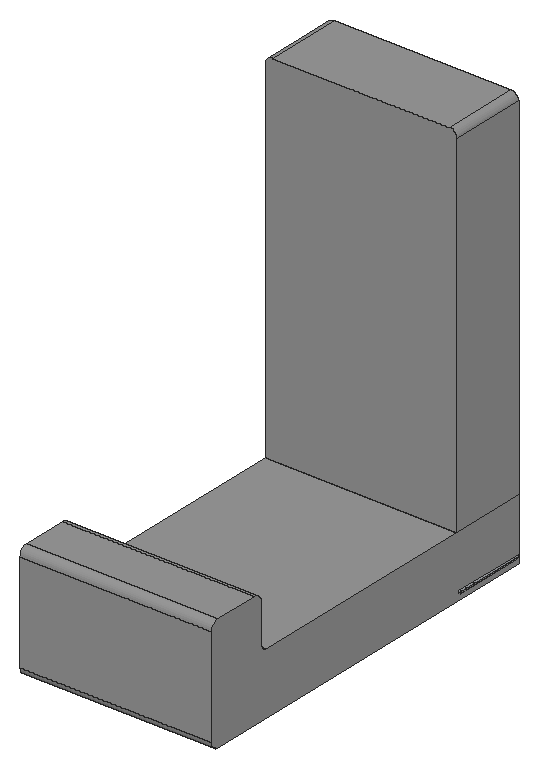
Revit family "PER ATLAS SIMPLE CR", category Plumbing Fixtures, Revit 2019
Family settings
  Round Connector Dimension = Use Diameter
  Part Type = Normal
  OmniClass Number = 23.45.00.00
  OmniClass Title = Sanitary, Laundry, and Cleaning Equipment
  Work Plane-Based = No
  Always vertical = Yes
  Cut with Voids When Loaded = No
  Shared = No
  Room Calculation Point = No
Reference planes
  plane 1 "Center (Front/Back)": y = 0
  plane 2: z = 0
  plane 3 "Center (Left/Right)": x = 0
Forms (mm)
  Extrusion 1, solid
    sketch origin (0, 0, 0) x (1, 0, 0) y (0, 0, 1)
      loop
        arc (0, 0.977) -> (0.286, 0.286) -> (0.977, 0) r 0.977
        line (0.977, 0) -> (23.961, 0)
        arc (23.961, 0) -> (24.696, 0.304) -> (25, 1.039) r 1.039
        line (25, 1.039) -> (25, 54.033)
        arc (25, 54.033) -> (24.717, 54.717) -> (24.033, 55) r 0.967
        line (24.033, 55) -> (1.017, 55)
        arc (1.017, 55) -> (0.298, 54.702) -> (0, 53.983) r 1.017
        line (0, 53.983) -> (0, 0.977)
    from 0 to 10
  Extrusion 2, solid
    sketch origin (0, 0, 0) x (0, 1, 0) y (0, 0, 1)
      loop
        line (0, 0) -> (0, 8) -> (-10, 8) -> (-40.962, 8)
        arc (-40.962, 8) -> (-41.696, 8.304) -> (-42, 9.038) r 1.038
        line (-42, 9.038) -> (-42, 13.998)
        arc (-42, 13.998) -> (-42.294, 14.706) -> (-43.002, 15) r 1.002
        line (-43.002, 15) -> (-49.001, 15)
        arc (-49.001, 15) -> (-49.707, 14.707) -> (-50, 14.001) r 0.999
        line (-50, 14.001) -> (-50, 1.011)
        arc (-50, 1.011) -> (-49.704, 0.296) -> (-48.989, 0) r 1.011
        line (-48.989, 0) -> (0, 0)
    from 0 to 25
Dimensions and locks
  aligned and locked: level to plane 2
